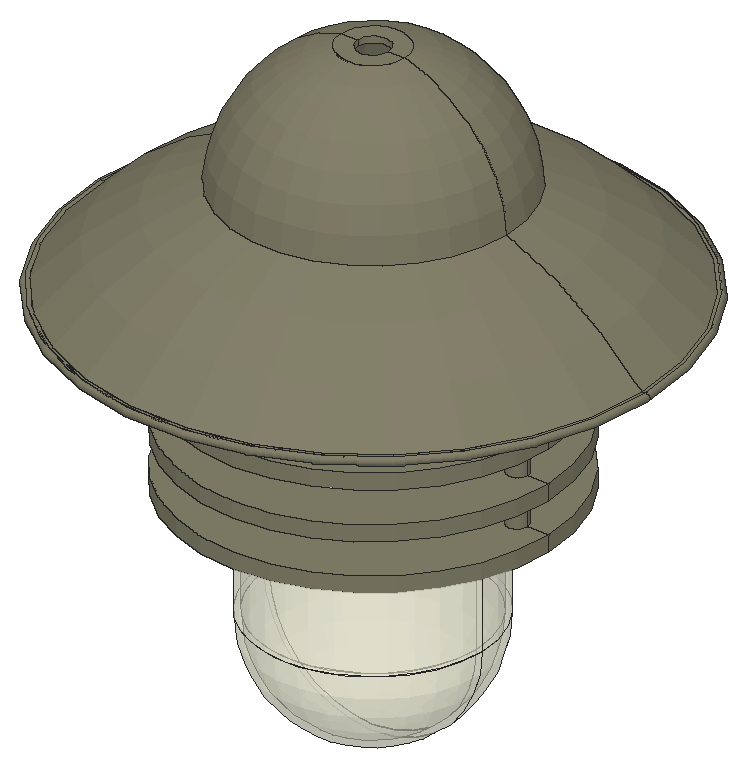
Revit family "LP1", category Lighting Fixtures, Revit 2024
Family settings
  Round Connector Dimension = Use Diameter
  Part Type = Normal
  OmniClass Number = 23.80.70.00
  OmniClass Title = Lighting
  Work Plane-Based = No
  Always vertical = Yes
  Cut with Voids When Loaded = No
  Light Source = No
  Maintain Annotation Orientation = No
  Shared = No
  Room Calculation Point = No
Parameters
  Default Elevation = 0' - 0"
Reference planes (in)
  plane 1 "Light Source Axis (F/B)": y = 0
  plane 2: z = 0
  plane 3 "Light Source Axis (L/R)": x = 0
  plane 4 "Light Source Elevation": z = 54
Forms (in)
  Revolve 1, solid, material "21"
    sketch origin (0, 0, 0) x (1, 0, 0) y (0, 0, 1)
      loop
        arc (-0.51671, 64) -> (-1.67626, 63.27834) -> (-2.18064, 62.00911) r 2.18461
        arc (-2.18064, 62.00911) -> (-3.36744, 61.37623) -> (-4.38122, 60.49233) r 5.93368
        line (-4.38122, 60.49233) -> (-4.4375, 60.49233)
        arc (-4.4375, 60.49233) -> (-4.5, 60.42983) -> (-4.4375, 60.36733) r 0.0625
        line (-4.4375, 60.36733) -> (-4.36762, 60.36733)
        arc (-4.36762, 60.36733) -> (-3.32354, 61.29261) -> (-2.0898, 61.94386) r 5.83993
        arc (-2.0898, 61.94386) -> (-1.62679, 63.19087) -> (-0.50534, 63.90625) r 2.09086
        line (-0.50534, 63.90625) -> (-0.25, 63.90625) -> (-0.25, 64) -> (-0.51671, 64)
      loop
        line (-2.8614, 60.11733) -> (-2.8614, 59.86733) -> (-1.9687, 59.86733) -> (-1.9687, 60.11733) -> (-2.8614, 60.11733)
      loop
        line (-2.8614, 59.36733) -> (-2.8614, 59.11733) -> (-1.9687, 59.11733) -> (-1.9687, 59.36733) -> (-2.8614, 59.36733)
      loop
        line (-2.8614, 58.61733) -> (-2.8614, 58.36733) -> (-1.9687, 58.36733) -> (-1.9687, 58.61733) -> (-2.8614, 58.61733)
      loop
        line (-2.8614, 57.86733) -> (-2.8614, 57.61733) -> (-1.9687, 57.61733) -> (-1.9687, 57.86733) -> (-2.8614, 57.86733)
      axis (0, 64) -> (0, 57.61733)
    angle from 0 to 360
  Revolve 2, solid, material "VAPOR GLASS"
    sketch origin (0, 0, 0) x (1, 0, 0) y (0, 0, 1)
      loop
        arc (-1.78096, 55.78096) -> (-1.25933, 54.52163) -> (0, 54) r 1.78096
        line (0, 54) -> (0, 54.09375)
        arc (0, 54.09375) -> (-1.19304, 54.58792) -> (-1.68721, 55.78096) r 1.68721
        line (-1.68721, 55.78096) -> (-1.68721, 60.78096) -> (-1.78096, 60.78096) -> (-1.78096, 55.78096)
      axis (0, 60.78096) -> (0, 54)
    angle from 0 to 360
  Revolve 3, solid, material "21"
    sketch origin (0, 0, 0) x (1, 0, 0) y (0, 0, 1)
      loop
        line (-2.34711, 57.86733) -> (-2.34711, 60.96354) -> (-2.51133, 60.96354) -> (-2.51133, 57.86733) -> (-2.34711, 57.86733)
      axis (-2.34711, 57.86733) -> (-2.34711, 60.96354)
    angle from 0 to 360
  Revolve 4, solid, material "21"
    sketch origin (0, 0, 0) x (-1, 0, 0) y (0, 0, -1)
      loop
        line (-2.34711, -57.86733) -> (-2.51133, -57.86733) -> (-2.51133, -60.96354) -> (-2.34711, -60.96354) -> (-2.34711, -57.86733)
      axis (-2.34711, -57.86733) -> (-2.34711, -60.96354)
    angle from 0 to 360
Dimensions and locks (in)
  aligned and locked: level to plane 2
